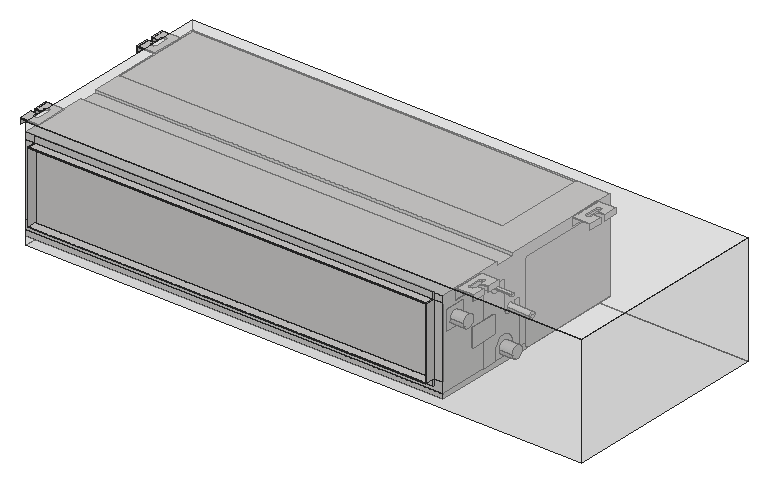
Revit family "outputfile", category 機械設備, Revit 2024
Family settings
  丸型コネクタ寸法 = 半径を使用
  パーツ タイプ = 標準
  OmniClass 番号 = 23.75.10.24.21.27.27
  OmniClass タイトル = Split System Air Conditioning Units
  作業面ベース = いいえ
  常に垂直 = はい
  ロード時にボイドで切り取り = いいえ
  注釈の向きを維持 = いいえ
  共有 = いいえ
  部屋計算ポイント = はい
Parameters (values of type "FPDQ50APV1")
  Description = ""
  書き出し IFC クラス(タイプ) = "IfcUnitaryEquipmentType"
  定義済み IFC タイプ(タイプ) = "AIRCONDITIONINGUNIT"
  Cost = 0
  Type Comments = ""
  Keynote = ""
  Type Image = (empty or 0)
  Assembly Code = ""
  w_RA Duct Size = RA Duct Size Width + 34.0 mm  # 830.0 mm
  r_HP/LP Gas Pipe Size = 4.75 mm
  lw_HP/LP Gas Pipe Size = 60.0 mm  # constant formula
  lh_HP/LP Gas Pipe Size = -103.0 mm
  ld_mountinghole = 67.5 mm  # constant formula
  ld_HP/LP Gas Pipe Size = 131.0 mm
  製造元 = "Daikin"
  モデル = "FPDQ50APV1"
  w_pipe = 33.0 mm
  r_Liquid Pipe Size = Liquid Pipe Size / 2  # 3.2 mm
  r_Gas Pipe Size = Gas Pipe Size / 2  # 6.35 mm
  r_Drain Pipe Size = Drain Pipe Size / 2  # 13.0 mm
  lw_powersupply = 49.5 mm
  lh_suctionflange [instance] = if(Rear Connection_Return Air, 100.0 mm + [h***], 190.0 mm + [h***])  # 100.0 mm
  ld_suctionflange [instance] = if(Rear Connection_Return Air, 190.0 mm, 100.0 mm)  # 190.0 mm
  ld_powersupply = 60.0 mm
  angle_vertical_RA [instance] = if(Rear Connection_Return Air, 90.00°, 0.00°)  # 90.00°
  angle horizontal_RA [instance] = if(Rear Connection_Return Air, 180.00°, 270.00°)  # 180.00°
  Voltage_comment_50Hz = "220 - 240"
  Voltage_50Hz = 230 V
  URL = ""
  Supply Air Direction [instance] = yes
  Sound Power Level_H speed (dB) = 0
  Rear Connection_Return Air [instance] = not(Bottom Connection_Return Air)  # yes
  RA_length = 190.0 mm  # constant formula
  Phase_50Hz = 1
  Minimum External Static Pressure = 20.00 Pa
  Minimum Circuit Amps_50Hz = 1.1 A
  Maximum Fuse Amps_50Hz = 16.0 A
  Maximum External Static Pressure = 50.00 Pa
  Material_Casing = DAIKIN_GalvanizedSteel_Casing_indoorunit
  lw_liquidpipe = 39.0 mm  # constant formula
  lw_gaspipe = 50.5 mm  # constant formula
  lw_mountinghole_pitch = Width + 40.0 mm  # 940.0 mm
  lw_mountinghole = 20.0 mm  # constant formula
  lw_drainpipe = 33.0 mm  # constant formula
  lh_powersupply = 20.0 mm
  lh_liquidpipe = 154.5 mm
  lh_gaspipe = 102.0 mm
  lh_mountinghole = Height + [h***]  # 200.0 mm
  lh_drainpipe = 50.0 mm
  lh_antena = 1.0 mm  # constant formula
  ld_liquidpipe = 141.0 mm
  ld_gaspipe = 178.5 mm  # constant formula
  ld_mountinghole_pitch = 315.0 mm  # constant formula
  ld_drainpipe = 422.0 mm  # constant formula
  ld_controlbox = 626.0 mm  # constant formula
  h*** = 0.0 mm  # constant formula
  d_dischargeflange = 22.2 mm  # constant formula
  Width = 900.0 mm
  Version = "ver.1.0"
  Unit Type = "Compact Ceiling Mounted Duct Type"
  Unit Mass Weight = 20.00 kg
  Unit Designation [instance] = ""
  Uniclass2015Version = "Products v1.30"
  Uniclass2015Title = "Variable refrigerant flow units"
  Uniclass2015Code = "Pr_70_65_03_94"
  Total Cooling Capacity [instance] = 0.000 kW
  Sound Pressure Level_M speed (dBA) = 31
  Sound Pressure Level_L speed (dBA) = 29
  Sound Pressure Level_H speed (dBA) = 33
  Series = "VRV HOME_Fan Coil Unit"
  Sensible Cooling Capacity [instance] = 0.000 kW
  SA Duct Size Width = 860.0 mm
  SA Duct Size Height = 153.0 mm
  Refrigerant Type = "R410A"
  RA Duct Size Width = 796.0 mm
  RA Duct Size Height = 172.0 mm
  Power Input (Cooling) = 0.180 kW
  Option Accessory 3 [instance] = ""
  Option Accessory 2 [instance] = ""
  Option Accessory 1 [instance] = ""
  Nominal Cooling Capacity = 5.600 kW
  Minimum Airflow = 630.00 m³/h
  Median Airflow = 780.00 m³/h
  Maximum Airflow = 900.00 m³/h
  Load Classification = HVAC
  Liquid Pipe Size = 6.4 mm
  Link_Nested Family [instance] = ""
  IfcVersion = ""
  IfcExportType = "AIRCONDITIONINGUNIT"
  IfcExportAs = "IfcUnitaryEquipmentType"
  Height = 200.0 mm
  Heat Exchanger Type = "Cross Fin Coil"
  Gas Pipe Size = 12.7 mm
  Frequency_50Hz = 50 Hz
  Fan Type = "Sirocco Fan"
  Fan Drive = "Direct Drive"
  FCU Tag No. [instance] = ""
  Drain Pipe Size = 26.0 mm
  Design Supply Airflow [instance] = 0.00 m³/h
  Design Return Airflow [instance] = 0.00 m³/h
  Design External Static Pressure [instance] = 0.00 Pa
  Depth = 450.0 mm
  既定の高さ = 0.0 mm
  Cooling Entering Wet Bulb Temperature [instance] = 0.00 °C
  Cooling Entering Dry Bulb Temperature [instance] = 0.00 °C
  Cooling Ambient Wet Bulb Temperature [instance] = 0.00 °C
  Cooling Ambient Dry Bulb Temperature [instance] = 0.00 °C
  Clearance visibility [instance] = yes
  Clearance Top = 20.0 mm
  Clearance Right = 300.0 mm
  Clearance Rear = 0.0 mm
  Clearance Left = 0.0 mm
  Clearance Front = 0.0 mm
  Clearance Bottom = 20.0 mm
  Bottom Connection_Return Air [instance] = no
Reference planes
  plane 1 "Center (Front/Back)": y = 0
  plane 2: z = 0
  plane 3 "Center (Left/Right)": x = 0
  plane 4 "Back": y = 225
  plane 5 "Front": y = -225
  plane 6 "Left": x = -450
  plane 7 "Right": x = 450
  plane 8 "Top": z = 0
  plane 9 "Bottom": z = -200
  plane 10: x = 325
  plane 11: x = -330
  plane 12: z = -180
  plane 13: z = -6
  plane 14: z = -22
  plane 15: z = -45.5
  plane 16: z = -98
  plane 17: x = -304
  plane 18: x = -470
  plane 19: x = 470
  plane 20: y = -157.5
  plane 21: y = 157.5
  plane 22: x = -490
  plane 23: x = 390
  plane 24: x = 489
  plane 25: x = 500.5
  plane 26: x = 483
  plane 27: z = 0
  plane 28: z = -150
  plane 29 "Clearance Left": x = -450
  plane 30 "Clearance Right": x = 750
  plane 31 "Clearance Rear": y = 225
  plane 32 "Clearance Front": y = -225
  plane 33 "Clearance Top": z = 20
  plane 34 "Clearance Bottom": z = -220
  plane 35: z = -14
  plane 36: z = -50
  plane 37: z = -96.5
  plane 38: x = -32
  plane 39: y = -46.5
  plane 40: y = -84
  plane 41: y = -30
  plane 42: y = -197
  plane 43: z = -90.5
  plane 44: y = -224
  plane 45: x = -449
  plane 46: z = -90
  plane 47: z = -30
  plane 48: y = 210
  plane 49: z = -199
  plane 50: y = 35
  plane 51: z = -101
  plane 52: x = 480
  plane 53: z = 11
  plane 54: z = 97.5
  plane 55: y = -94
Forms (mm)
  Extrusion 1, solid, material "DAIKIN_GalvanizedSteel_Casing_indoorunit" <- "Material_Casing"
    sketch origin (0, 0, 0) x (1, 0, 0) y (0, 1, 0)
      loop
        line (-450, -225) -> (450, -225) -> (450, 225) -> (-450, 225) -> (-450, -225)
    from -200 to 0
  Extrusion 2, void
    sketch origin (0, 0, 1) x (1, 0, 0) y (0, 1, 0)
      loop
        line (-450, -78) -> (450, -78) -> (450, -36) -> (-450, -36) -> (-450, -78)
    from -1 to -7
  Revolve 3, solid, material "DAIKIN_GalvanizedSteel_Casing_indoorunit" <- "Material_Casing"
    sketch origin (0, 0, -98) x (0, -1, 0) y (1, 0, 0)
      loop
        line (40.15, 450) -> (46.5, 450) -> (46.5, 500.5) -> (40.15, 500.5) -> (40.15, 450)
      axis (46.5, 450) -> (46.5, 500.5)
    angle from 0 to 360
  Revolve 4, solid, material "DAIKIN_GalvanizedSteel_Casing_indoorunit" <- "Material_Casing"
    sketch origin (0, 0, -45.5) x (0, -1, 0) y (1, 0, 0)
      loop
        line (84, 450) -> (84, 489) -> (80.8, 489) -> (80.8, 450) -> (84, 450)
      axis (84, 489) -> (84, 450)
    angle from 0 to 360
  Extrusion 5, solid, material "DAIKIN_GalvanizedSteel_Casing_indoorunit" <- "Material_Casing"
    sketch origin (450, 0, 33.75) x (0, 1, 0) y (0, 0, 1)
      loop
        circle (-197, -83.75) r 13
    from 0 to 33
  Extrusion 6, solid, material "DAIKIN_GalvanizedSteel_Casing_indoorunit" <- "Material_Casing"
    sketch origin (0, 0, 0) x (1, 0, 0) y (0, 0, 1)
      loop
        line (-450, -189.5) -> (-450, -200) -> (450, -200) -> (450, -189.5) -> (-450, -189.5)
    from 2 to 225
  Extrusion 7, solid, material "DAIKIN_GalvanizedSteel_Casing_indoorunit" <- "Material_Casing", visible <- "Bottom Connection_Return Air"
    sketch origin (0, 225, 0) x (-1, 0, 0) y (0, 0, 1)
      loop
        line (-379, -200) -> (449, -200) -> (449, -1) -> (-379, -1) -> (-379, -200)
    from -1 to 0
  Extrusion 8, void
    sketch origin (0, 225, 0) x (-1, 0, 0) y (0, 0, 1)
      loop
        line (-379, 0) -> (-379, -1) -> (449, -1) -> (449, 0) -> (-379, 0)
    from 0 to -199
  Extrusion 9, solid, material "DAIKIN_GalvanizedSteel_Casing_indoorunit" <- "Material_Casing", visible <- "Rear Connection_Return Air"
    sketch origin (0, 0, 0) x (1, 0, 0) y (0, 1, 0)
      loop
        line (-449, 225) -> (-449, 26) -> (379, 26) -> (379, 225) -> (-449, 225)
    from -200 to -199
  Extrusion 10, solid, material "DAIKIN_GalvanizedSteel_Casing_indoorunit" <- "Material_Casing"
    sketch origin (450, 0, 0) x (0, 1, 0) y (0, 0, 1)
      loop
        line (225, -22.445) -> (1.953, -22.445)
        arc (1.953, -22.445) -> (-0.169, -23.324) -> (-1.047, -25.445) r 3
        line (-1.047, -25.445) -> (-1.047, -195.005)
        arc (-1.047, -195.005) -> (-0.169, -197.126) -> (1.953, -198.005) r 3
        line (1.953, -198.005) -> (225, -198.005) -> (225, -22.445)
    from 1 to 0
  Extrusion 11, solid, material "DAIKIN_GalvanizedSteel_Casing_indoorunit" <- "Material_Casing"
    sketch origin (450, 0, 0) x (0, 1, 0) y (0, 0, 1)
      loop
        circle (-62, -170) r 13
    from 30 to 0
  Extrusion 12, solid, material "DAIKIN_GalvanizedSteel_Casing_indoorunit" <- "Material_Casing"
    sketch origin (450, 0, 0) x (0, 1, 0) y (0, 0, 1)
      loop
        line (-148.682, -97.261) -> (-148.687, -131.178)
        arc (-148.687, -131.178) -> (-147.811, -133.295) -> (-145.695, -134.172) r 2.993
        line (-145.695, -134.172) -> (-91.826, -134.18)
        arc (-91.826, -134.18) -> (-89.709, -133.304) -> (-88.832, -131.187) r 2.994
        line (-88.832, -131.187) -> (-88.832, -97.148)
        arc (-88.832, -97.148) -> (-89.749, -95.111) -> (-91.821, -94.277) r 2.992
        line (-91.821, -94.277) -> (-145.689, -94.269)
        arc (-145.689, -94.269) -> (-147.805, -95.145) -> (-148.682, -97.261) r 2.993
      loop
        line (-176, -70.949) -> (-176, -29) -> (-218, -29) -> (-218, -70.949) -> (-176, -70.949)
    from 0 to 3
  Extrusion 13, solid, material "DAIKIN_GalvanizedSteel_Casing_indoorunit" <- "Material_Casing"
    sketch origin (450, 0, 0) x (0, 1, 0) y (0, 0, 1)
      loop
        line (-37.558, -189.537) -> (-21.994, -189.537) -> (-21.994, -94.768)
        arc (-21.994, -94.768) -> (-22.579, -93.358) -> (-23.989, -92.773) r 1.995
        line (-23.989, -92.773) -> (-30.037, -92.773)
        arc (-30.037, -92.773) -> (-31.448, -93.358) -> (-32.032, -94.768) r 1.995
        line (-32.032, -94.768) -> (-32.032, -98)
        arc (-32.032, -98) -> (-46.255, -112.466) -> (-60.959, -98.49) r 14.468
        line (-60.959, -98.49) -> (-60.959, -42.953)
        arc (-60.959, -42.953) -> (-61.685, -41.568) -> (-63.124, -40.958) r 2.32
        line (-63.124, -40.958) -> (-69.828, -40.958)
        arc (-69.828, -40.958) -> (-71.239, -41.542) -> (-71.823, -42.953) r 1.995
        line (-71.823, -42.953) -> (-71.823, -45.946)
        arc (-71.823, -45.946) -> (-83.794, -57.917) -> (-95.765, -45.946) r 11.971
        line (-95.765, -45.946) -> (-95.765, -42.953)
        arc (-95.765, -42.953) -> (-96.349, -41.542) -> (-97.76, -40.958) r 1.995
        line (-97.76, -40.958) -> (-114.828, -40.958)
        arc (-114.828, -40.958) -> (-116.239, -41.542) -> (-116.823, -42.953) r 1.995
        line (-116.823, -42.953) -> (-116.823, -94.273) -> (-91.821, -94.277)
        arc (-91.821, -94.277) -> (-89.749, -95.111) -> (-88.832, -97.148) r 2.992
        line (-88.832, -97.148) -> (-88.832, -131.186)
        arc (-88.832, -131.186) -> (-89.709, -133.303) -> (-91.826, -134.18) r 2.994
        line (-91.826, -134.18) -> (-116.823, -134.176) -> (-116.823, -189.537) -> (-86.438, -189.537) -> (-86.438, -169.501)
        arc (-86.438, -169.501) -> (-61.998, -145.061) -> (-37.558, -169.501) r 24.44
        line (-37.558, -169.501) -> (-37.558, -189.537)
    from 0 to 1
  Extrusion 14, solid, material "DAIKIN_GalvanizedSteel_Casing_indoorunit" <- "Material_Casing"
    sketch origin (-450, 0, 0) x (0, 1, 0) y (0, 0, 1)
      loop
        line (72.017, -134.38) -> (151.983, -134.38) -> (151.983, -85.62) -> (72.017, -85.62) -> (72.017, -134.38)
    from 0 to -1
  Extrusion 15, solid, material "DAIKIN_GalvanizedSteel_Casing_indoorunit" <- "Material_Casing"
    sketch origin (-450, 0, 0) x (0, 1, 0) y (0, 0, 1)
      loop
        circle (112, -110) r 20.479
    from 0 to -7
  Extrusion 16, solid, material "DAIKIN_GalvanizedSteel_Casing_indoorunit" <- "Material_Casing"
    sketch origin (-450, 0, 0) x (0, 1, 0) y (0, 0, 1)
      loop
        circle (112, -110) r 17.066
    from 0 to -9
  Extrusion 17, solid, material "DAIKIN_GalvanizedSteel_Casing_indoorunit" <- "Material_Casing"
    sketch origin (-450, 0, 0) x (0, 1, 0) y (0, 0, 1)
      loop
        circle (112, -110) r 7.5
    from 0 to -22.5
Cuts and joins
  Extrusion 2, Extrusion 8 cuts Extrusion 1
  Extrusion 8 cuts Extrusion 6
  joined: Extrusion 14, Extrusion 15, Extrusion 16, Extrusion 17
Dimensions and locks
  "lh_powersupply": plane 12 to plane 9 "Bottom"
  locked: plane 8 "Top" to plane 13 at 6
  "Height": plane 8 "Top" to plane 9 "Bottom"
  locked: plane 17 to plane 3 "Center (Left/Right)" at 304
  equal spacing: plane 18, plane 3 "Center (Left/Right)", plane 19
  "lw_mountinghole_pitch": plane 18 to plane 19
  locked: plane 14 to plane 9 "Bottom" at 178
  "lw_mountinghole": plane 22 to plane 18
  "lh_liquidpipe": plane 15 to plane 9 "Bottom"
  "lh_gaspipe": plane 16 to plane 9 "Bottom"
  "lh_mountinghole": plane 27 to plane 9 "Bottom"
  "ld_mountinghole_pitch": plane 21 to plane 20
  equal spacing: plane 6 "Left", plane 3 "Center (Left/Right)", plane 7 "Right"
  "Width": plane 6 "Left" to plane 7 "Right"
  "lh_drainpipe": plane 28 to plane 9 "Bottom"
  "Clearance Right": plane 7 "Right" to plane 30 "Clearance Right"
  "Clearance Left": plane 29 "Clearance Left" to plane 6 "Left"
  "lw_gaspipe": plane 7 "Right" to plane 25
  "lw_liquidpipe": plane 7 "Right" to plane 24
  "lw_drainpipe": plane 7 "Right" to plane 26
  "Clearance Rear": plane 31 "Clearance Rear" to plane 4 "Back"
  "Clearance Front": plane 5 "Front" to plane 32 "Clearance Front"
  "Clearance Top": plane 33 "Clearance Top" to plane 8 "Top"
  "Clearance Bottom": plane 9 "Bottom" to plane 34 "Clearance Bottom"
  plane 8 "Top" to plane 35 = 14.0 mm
  "lh_drainpipe": plane 8 "Top" to plane 36
  locked: plane 37 to plane 9 "Bottom" at 103.5
  locked: plane 35 to plane 43 at 76.5
  "Depth": plane 4 "Back" to plane 5 "Front"
  equal spacing: plane 4 "Back", plane 1 "Center (Front/Back)", plane 5 "Front"
  locked: plane 44 to plane 5 "Front" at 1
  locked: plane 45 to plane 6 "Left" at 1
  Extrusion 7 sketch curve to Extrusion 7 sketch curve = 199.0 mm
  nested 12 to plane 38 = 398.0 mm
  locked: plane 12 to plane 46 at 90
  plane 31 "Clearance Rear" to Extrusion 7 = 0.0 mm
  locked: plane 47 to plane 34 "Clearance Bottom" at 190
  plane 48 to nested 13 = 1.0 mm
  locked: plane 49 to plane 9 "Bottom" at 1
  "ld_suctionflange": plane 4 "Back" to plane 50
  locked: plane 51 to plane 9 "Bottom" at 99
  locked: plane 52 to plane 7 "Right" at 30
  "r_Gas Pipe Size": Revolve 3 sketch curve to Revolve 3 sketch curve
  "ld_gaspipe": plane 39 to plane 5 "Front"
  "r_Liquid Pipe Size": Revolve 4 sketch curve to plane 40
  "ld_liquidpipe": plane 40 to plane 5 "Front"
  "ld_drainpipe": plane 4 "Back" to plane 42
  "ld_HP/LP Gas Pipe Size": plane 55 to plane 5 "Front"
  plane 8 "Top" to plane 15 = 45.5 mm
  Extrusion 2 sketch curve to plane 5 "Front" = 189.0 mm
  "lw_powersupply": nested 11 to plane 7 "Right"
  plane 4 "Back" to nested 11 = 60.0 mm
  locked: plane 7 "Right" to Extrusion 8 sketch curve at 71
  locked: plane 7 "Right" to Extrusion 7 sketch curve at 71
  "ld_mountinghole": plane 20 to plane 5 "Front"
  locked: Extrusion 6 sketch curve to plane 9 "Bottom" at 10.5
  "ld_gaspipe": Revolve 3 sketch curve to plane 5 "Front"
  plane 8 "Top" to Extrusion 12 sketch curve to Extrusion 12 sketch curve = 29.0 mm locked, 41.949 mm locked
  plane 5 "Front" to Extrusion 12 sketch curve to Extrusion 12 sketch curve = 7.0 mm locked, 42.0 mm locked
  "r_Drain Pipe Size": radius of Extrusion 5 sketch curve
  aligned and locked: level to plane 2
  aligned and locked: Extrusion 1 to plane 9 "Bottom"
  aligned and locked: plane 8 "Top" to Extrusion 1
  aligned and locked: Revolve 3 sketch curve to Revolve 3 sketch curve
  aligned and locked: plane 24 to nested 6
  aligned and locked: nested 6 to plane 15
  aligned and locked: nested 2 to plane 21
  aligned and locked: plane 19 to nested 2
  aligned and locked: plane 19 to nested 3
  aligned and locked: plane 18 to nested 4
  aligned and locked: plane 21 to nested 5
  aligned and locked: nested 5 to plane 21
  aligned and locked: plane 18 to nested 5
  aligned and locked: plane 8 "Top" to nested 1
  aligned and locked: Extrusion 6 to plane 5 "Front"
  aligned and locked: Extrusion 6 to plane 9 "Bottom"
  aligned and locked: nested 7 to plane 16
  aligned and locked: plane 39 to nested 7
  aligned and locked: plane 40 to nested 6
  aligned and locked: Extrusion 5 sketch curve to plane 42
  aligned and locked: nested 12 to plane 45
  aligned and locked: plane 4 "Back" to Extrusion 8
  aligned and locked: plane 8 "Top" to Extrusion 2
  aligned and locked: Extrusion 7 to cut or joined group of Extrusion 1, Extrusion 2, Extrusion 8
  aligned and locked: plane 9 "Bottom" to Extrusion 9  (x2)
  aligned and locked: Extrusion 9 to plane 49
  aligned and locked: plane 4 "Back" to nested 12
  aligned and locked: Extrusion 8 to level
  aligned and locked: plane 30 "Clearance Right" to nested 14
  aligned and locked: plane 29 "Clearance Left" to nested 14
  aligned and locked: nested 14 to plane 32 "Clearance Front"
  aligned and locked: nested 14 to plane 33 "Clearance Top"
  aligned and locked: nested 14 to plane 34 "Clearance Bottom"
  aligned and locked: plane 7 "Right" to Extrusion 10
  aligned and locked: Extrusion 2 to plane 13
  aligned and locked: nested 8 to plane 36
  aligned and locked: nested 10 to plane 1 "Center (Front/Back)"
  aligned and locked: plane 45 to Extrusion 7
  aligned and locked: nested 12 to plane 49
  aligned and locked: plane 3 "Center (Left/Right)" to nested 10
  aligned and locked: plane 43 to nested 9
  aligned and locked: level to plane 8 "Top"
  aligned and locked: plane 3 "Center (Left/Right)" to nested 1
  aligned and locked: Extrusion 1 sketch curve to plane 5 "Front"
  aligned and locked: plane 3 "Center (Left/Right)" to nested 16
  aligned and locked: plane 5 "Front" to nested 16
  aligned and locked: nested 9 to plane 5 "Front"
  aligned and locked: plane 40 to Revolve 4 sketch curve  (x2)
  aligned and locked: plane 7 "Right" to nested 7
  aligned and locked: Extrusion 9 sketch curve to cut or joined group of Extrusion 1, Extrusion 2, Extrusion 8
  aligned and locked: plane 45 to nested 13
  aligned and locked: plane 7 "Right" to nested 8
  aligned and locked: plane 42 to nested 8
  aligned and locked: cut or joined group of Extrusion 1, Extrusion 2, Extrusion 8 to Extrusion 9 sketch curve
  aligned and locked: plane 1 "Center (Front/Back)" to nested 1
  aligned and locked: nested 4 to plane 20
  aligned and locked: nested 3 to plane 20
  aligned and locked: nested 16 to plane 35
  aligned and locked: nested 13 to Extrusion 7
  aligned and locked: plane 38 to nested 15
  aligned and locked: nested 15 to plane 50
  aligned and locked: plane 4 "Back" to nested 11
  aligned and locked: plane 12 to nested 11
  aligned and locked: plane 7 "Right" to Revolve 4 sketch curve
  aligned and locked: plane 7 "Right" to Revolve 3 sketch curve
  aligned and locked: Revolve 3 sketch curve to nested 7
  aligned and locked: Extrusion 6 sketch curve to plane 9 "Bottom"
  aligned and locked: plane 31 "Clearance Rear" to nested 14
Automatic sketch dimensions
  Extrusion 1 sketch curve to plane 4 "Back" = 0.0 mm
  Extrusion 1 sketch curve to plane 6 "Left" = 0.0 mm
  Extrusion 1 sketch curve to plane 7 "Right" = 0.0 mm
  Extrusion 2 sketch curve to plane 6 "Left" = 0.0 mm
  Extrusion 2 sketch curve to plane 7 "Right" = 0.0 mm
  Revolve 3 sketch curve to plane 38 = 57.997 mm
  plane 24 to Revolve 3 sketch curve = 1.003 mm
  Revolve 4 sketch curve to plane 24 = 0.0 mm  (x2)
  Revolve 4 sketch curve to Revolve 4 sketch curve = 1.0 mm
  Extrusion 6 sketch curve to plane 6 "Left" = 0.0 mm
  Extrusion 6 sketch curve to plane 7 "Right" = 0.0 mm
  Extrusion 9 sketch curve to plane 45 = 0.0 mm
  Extrusion 9 sketch curve to plane 4 "Back" = 0.0 mm
  Extrusion 10 sketch curve to plane 4 "Back" = 0.0 mm
  plane 49 to Extrusion 10 sketch curve = 0.995 mm
  Extrusion 10 sketch curve to plane 50 = 33.047 mm  (x2)
  Extrusion 10 sketch curve to plane 14 = 3.445 mm
  Extrusion 10 sketch curve to Extrusion 10 sketch curve = 3.0 mm
  plane 36 to Extrusion 5 sketch curve = 0.0 mm
  Extrusion 7 sketch curve to plane 9 "Bottom" = 0.0 mm
  Extrusion 7 sketch curve to plane 45 = 0.0 mm
  Extrusion 8 sketch curve to level = 0.0 mm
  Extrusion 8 sketch curve to plane 45 = 0.0 mm
  Extrusion 8 sketch curve to Extrusion 8 sketch curve = 1.0 mm
  plane 20 to Extrusion 12 sketch curve = 8.813 mm
  Extrusion 12 sketch curve to plane 37 = 0.761 mm
  plane 20 to Extrusion 12 sketch curve = 8.818 mm
  Extrusion 12 sketch curve to Extrusion 12 sketch curve = 2.992 mm
  Extrusion 12 sketch curve to Extrusion 12 sketch curve = 2.993 mm  (x2)
  Extrusion 12 sketch curve to plane 37 = 0.762 mm
  plane 37 to Extrusion 12 sketch curve = 2.231 mm
  plane 55 to Extrusion 12 sketch curve = 2.174 mm
  plane 55 to Extrusion 12 sketch curve = 2.175 mm
  Extrusion 12 sketch curve to plane 37 = 0.77 mm
  plane 55 to Extrusion 12 sketch curve = 2.179 mm  (x2)
  Extrusion 12 sketch curve to plane 37 = 0.648 mm
  Extrusion 12 sketch curve to Extrusion 12 sketch curve = 2.99 mm
  plane 28 to Extrusion 12 sketch curve = 18.822 mm
  Extrusion 12 sketch curve to Extrusion 12 sketch curve = 0.0 mm
  plane 28 to Extrusion 12 sketch curve = 18.814 mm
  Extrusion 12 sketch curve to Extrusion 12 sketch curve = 0.001 mm
  Extrusion 11 sketch curve to plane 39 = 15.5 mm
  plane 12 to Extrusion 11 sketch curve = 10.0 mm
  Extrusion 13 sketch curve to plane 16 = 0.0 mm
  Extrusion 13 sketch curve to plane 39 = 0.0 mm
  plane 15 to Extrusion 13 sketch curve = 2.547 mm
  Extrusion 13 sketch curve to plane 39 = 14.459 mm
  Extrusion 13 sketch curve to plane 39 = 15.498 mm
  Extrusion 13 sketch curve to Extrusion 13 sketch curve = 2.165 mm
  Extrusion 13 sketch curve to Extrusion 13 sketch curve = 2.297 mm
  Extrusion 13 sketch curve to Extrusion 13 sketch curve = 6.704 mm
  Extrusion 13 sketch curve to plane 15 = 0.446 mm
  Extrusion 13 sketch curve to Extrusion 13 sketch curve = 1.995 mm  (x2)
  plane 40 to Extrusion 13 sketch curve = 0.206 mm
  Extrusion 13 sketch curve to plane 40 = 2.438 mm
  Extrusion 13 sketch curve to plane 37 = 0.648 mm
  Extrusion 13 sketch curve to plane 40 = 4.832 mm
  plane 55 to Extrusion 13 sketch curve = 2.179 mm  (x2)
  plane 16 to Extrusion 13 sketch curve = 0.73 mm
  plane 55 to Extrusion 13 sketch curve = 2.175 mm
  plane 55 to Extrusion 13 sketch curve = 2.174 mm
  plane 15 to Extrusion 13 sketch curve = 4.542 mm
  Extrusion 13 sketch curve to Extrusion 13 sketch curve = 17.068 mm
  plane 37 to Extrusion 13 sketch curve = 2.227 mm
  Extrusion 13 sketch curve to plane 55 = 22.823 mm  (x2)
  plane 37 to Extrusion 13 sketch curve = 1.732 mm  (x2)
  Extrusion 13 sketch curve to Extrusion 13 sketch curve = 14.468 mm
  Extrusion 13 sketch curve to plane 41 = 0.037 mm
  plane 41 to Extrusion 13 sketch curve = 6.011 mm
  plane 28 to Extrusion 13 sketch curve = 18.814 mm
  plane 28 to Extrusion 13 sketch curve = 15.824 mm
  plane 12 to Extrusion 13 sketch curve = 10.499 mm
  plane 49 to Extrusion 13 sketch curve = 9.463 mm  (x2)
  plane 15 to Extrusion 13 sketch curve = 2.226 mm
  plane 40 to Extrusion 2 sketch curve = 6.0 mm
  plane 46 to Extrusion 14 sketch curve = 4.38 mm
  plane 50 to Extrusion 14 sketch curve = 37.017 mm
  Extrusion 14 sketch curve to plane 21 = 5.517 mm
  plane 28 to Extrusion 14 sketch curve = 15.62 mm
  Extrusion 15 sketch curve to plane 51 = 9.0 mm
  Extrusion 15 sketch curve to plane 21 = 45.5 mm
  Extrusion 16 sketch curve to plane 51 = 9.0 mm
  Extrusion 16 sketch curve to plane 21 = 45.5 mm
  Extrusion 17 sketch curve to plane 51 = 9.0 mm
  Extrusion 17 sketch curve to plane 21 = 45.5 mm
  radius of Extrusion 11 sketch curve = 13.0 mm
  radius of Extrusion 15 sketch curve = 20.479 mm
  radius of Extrusion 16 sketch curve = 17.066 mm
  radius of Extrusion 17 sketch curve = 7.5 mm
Nested families
  nested 1: "daikin_hangerfixture_FPDQ-APV1" at (0, 0, 0), type "daikin_hangerfixture_FPDQ-APV1"
    with width 900.0 mm
  nested 2: "daikin_mountinghole" at (470, 157.5, -200), l_antenna <- "lh_antena", Link_Nested Family <- "Link_Nested Family", h_mountinghole <- "lh_mountinghole", type "daikin_mountinghole"
    with show yes, l_antenna 1.0 mm, h_mountinghole 200.0 mm, Link_Nested Family ""
  nested 3: "daikin_mountinghole" at (470, -157.5, -200), Link_Nested Family <- "Link_Nested Family", l_antenna <- "lh_antena", h_mountinghole <- "lh_mountinghole", type "daikin_mountinghole"
    with show yes, l_antenna 1.0 mm, h_mountinghole 200.0 mm, Link_Nested Family ""
  nested 4: "daikin_mountinghole" at (-470, -157.5, -200), l_antenna <- "lh_antena", Link_Nested Family <- "Link_Nested Family", h_mountinghole <- "lh_mountinghole", type "daikin_mountinghole"
    with show yes, l_antenna 1.0 mm, h_mountinghole 200.0 mm, Link_Nested Family ""
  nested 5: "daikin_mountinghole" at (-470, 157.5, -200), l_antenna <- "lh_antena", Link_Nested Family <- "Link_Nested Family", h_mountinghole <- "lh_mountinghole", type "daikin_mountinghole"
    with show yes, l_antenna 1.0 mm, h_mountinghole 200.0 mm, Link_Nested Family ""
  nested 6: "daikin_connector_rotate2" at (450, -84, -45.5) x (0, 1, 0) z (0, 0, 1), length <- "lw_liquidpipe", built-in parameter 1001364 <- "lh_liquidpipe", radius <- "r_Liquid Pipe Size", type "daikin_connector_rotate2"
    with radius 3.2 mm, length 39.0 mm, angle_vertical 90.00°
  nested 7: "daikin_connector_rotate2" at (450, -46.5, -98) x (0, 1, 0) z (0, 0, 1), length <- "lw_gaspipe", built-in parameter 1001364 <- "lh_gaspipe", radius <- "r_Gas Pipe Size", type "daikin_connector_rotate2"
    with radius 6.35 mm, length 50.5 mm, angle_vertical 90.00°
  nested 8: "daikin_connector_rotate2" at (450, -197, -50) x (0, 1, 0) z (0, 0, 1), built-in parameter 1001364 <- "lh_drainpipe", radius <- "r_Drain Pipe Size", length <- "lw_drainpipe", type "daikin_connector_rotate2"
    with radius 13.0 mm, length 33.0 mm, angle_vertical 90.00°
  nested 9: "daikin_connector_rotate2" at (0, -225, -90.5), length <- "d_dischargeflange", type "daikin_connector_rotate2"
    with radius 10.0 mm, length 22.2 mm, angle_vertical 90.00°
  nested 10: "daikin_△_symbolicline" at (-75, -129.904, 200) x (-0.5, 0.866, 0) z (0, 0, 1), built-in parameter 1001364 <- "Height", visible <- "Supply Air Direction", type "daikin_△_symbolicline"
    with length 300.0 mm
  nested 11: "daikin_connector_rotate2" at (400.5, 165, -180) x (-1, 0, 0) z (0, 0, 1), type "daikin_connector_rotate2"
    with radius 10.0 mm, length 60.0 mm, angle_vertical 90.00°
  nested 12: "daikin_ductflange_FPDQ-APV1_2" at (-35, 225, -100), material <- "Material_Casing", visible <- "Rear Connection_Return Air", height <- "RA Duct Size Height", width <- "w_RA Duct Size", type "daikin_ductflange_FPDQ-APV1_2"
    with width 830.0 mm, material DAIKIN_GalvanizedSteel_Casing_indoorunit, height 172.0 mm, depth 21.2 mm
  nested 13: "daikin_ductflange_FPDQ-APV1_2" at (-35, 125, -200) x (1, 0, 0) z (0, 1, 0), material <- "Material_Casing", visible <- "Bottom Connection_Return Air", width <- "w_RA Duct Size", height <- "RA Duct Size Height", type "daikin_ductflange_FPDQ-APV1_2"
    with width 830.0 mm, material DAIKIN_GalvanizedSteel_Casing_indoorunit, height 172.0 mm, depth 21.0 mm
  nested 14: "daikin_clearancespace" at (150, 0, -99.881), visible <- "Clearance visibility", show <- "Clearance visibility", Link_Nested Family <- "Link_Nested Family", type "daikin_clearancespace"
    with width 1200.0 mm, show yes, height 240.0 mm, depth 450.0 mm, Link_Nested Family ""
  nested 15: "daikin_connector_rotate3" at (-32, 35, -100), built-in parameter 1001364 <- "lh_suctionflange", angle_vertical <- "angle_vertical_RA", angle_horizontal <- "angle horizontal_RA", length <- "RA_length", type "daikin_connector_rotate3"
    with show no, radius 10.0 mm, length 190.0 mm, angle_vertical 90.00°, angle_horizontal 180.00°
  nested 16: "daikin_ductflange_FPDQ-APV1_1" at (0, 88.5, -357.201), width <- "SA Duct Size Width", type "daikin_ductflange_FPDQ-APV1_1"
    with width 860.0 mm, material DAIKIN_GalvanizedSteel_Casing_indoorunit, height 155.0 mm, depth 20.0 mm
Connectors
  piping at (500.5, -46.5, -98), diameter 12.7, driven by "r_Gas Pipe Size"
    settings: on nested 7, index 1, connector inside diameter 609.6 mm, connector length 0.0 mm, flow factor 0, pipe flow 0.00 m³/h, pressure drop 0.0 Pa, fitting loss kfactor 0, connector angle 0.00°, fixture units 0, engagement length 0.0 mm, angle of deflection 0.00°, flow configuration 1, flow direction 2, fitting loss method 0, system type 29, joint type 0, gender type 0, connector reference index -1, connector utility 0, adjustable connector no, is connector primary yes, connector description "Refrigerant Gas Piping"
  piping at (489, -84, -45.5), diameter 6.4, driven by "r_Liquid Pipe Size"
    settings: on nested 6, index 2, connector inside diameter 609.6 mm, connector length 0.0 mm, flow factor 0, pipe flow 0.00 m³/h, pressure drop 0.0 Pa, fitting loss kfactor 0, connector angle 0.00°, fixture units 0, engagement length 0.0 mm, angle of deflection 0.00°, flow configuration 1, flow direction 1, fitting loss method 0, system type 29, joint type 0, gender type 0, connector reference index -1, connector utility 0, adjustable connector no, is connector primary no, connector description "Refrigerant Liquid Piping"
  piping at (483, -197, -50), diameter 26, driven by "r_Drain Pipe Size"
    settings: on nested 8, index 3, connector inside diameter 609.6 mm, connector length 0.0 mm, flow factor 0, pipe flow 0.00 m³/h, pressure drop 0.0 Pa, fitting loss kfactor 0, connector angle 0.00°, fixture units 0, engagement length 0.0 mm, angle of deflection 0.00°, flow configuration 1, flow direction 2, fitting loss method 4, system type 16, joint type 0, gender type 0, connector reference index -1, connector utility 0, adjustable connector no, is connector primary no, connector description "Condensate Drain Piping"
  electrical at (400.5, 225, -180), driven by "Load Classification"
    settings: on nested 11, index 9, voltage 0 V, apparent load 0 VA, apparent load phase1 0 VA, apparent load phase2 0 VA, apparent load phase3 0 VA, power factor 1, load classification "HVAC", number of poles 1, system type 30, power factor state 1, is connector primary yes, connector utility no, sub classification motor no, connector description "Power Supply"
  hvac at (0, -247.2, -90.5), driven by "SA Duct Size Height", driven by "SA Duct Size Width"
    settings: on nested 9, index 11, duct flow 0.00 m³/h, flow factor 0, pres drop 0.00 Pa, loss coef 0, conn angle 0.00°, conn width 860.0 mm, conn height 153.0 mm, conn diameter 609.6 mm, duct sys type 1, conn prof type 1, flow config 0, flow direction 2, loss method 4, conn ref index -1, conn util no, is conn primary yes, conn desc "SA Duct"
  hvac at (-32, 225, -100), driven by "RA Duct Size Height", driven by "RA Duct Size Width"
    settings: on nested 15, index 12, duct flow 0.00 m³/h, flow factor 0, pres drop 0.00 Pa, loss coef 0, conn angle 0.00°, conn width 796.0 mm, conn height 172.0 mm, conn diameter 609.6 mm, duct sys type 2, conn prof type 1, flow config 0, flow direction 1, loss method 4, conn ref index -1, conn util no, is conn primary no, conn desc "RA Duct"
  piping at (500.5, -46.5, -98), diameter 12.7, driven by "r_Gas Pipe Size"
    settings: on nested 7, index 13, connector inside diameter 609.6 mm, connector length 0.0 mm, flow factor 0, pipe flow 0.00 m³/h, pressure drop 0.0 Pa, fitting loss kfactor 0, connector angle 0.00°, fixture units 0, engagement length 0.0 mm, angle of deflection 0.00°, flow configuration 1, flow direction 2, fitting loss method 0, system type 29, joint type 0, gender type 0, connector reference index -1, connector utility 0, adjustable connector no, is connector primary no, connector description "Refrigerant Gas Piping"
Definition of nested family "daikin_hangerfixture_FPDQ-APV1"
  Parameters (values of type "daikin_hangerfixture_FPRQ-APVM")
    width = 700.0 mm
    material = none
    height = 65.0 mm
    depth = 620.0 mm
    Default Elevation = 0.0 mm
  Reference planes
    plane 1 "Center (Front/Back)": y = 0
    plane 2: z = 0
    plane 3 "Center (Left/Right)": x = 0
    plane 4: x = 350
    plane 5: y = 310
    plane 6: y = -310
    plane 7: x = -350
  Forms (mm)
    Extrusion 1, solid, material <- "material"
      sketch origin (0, 0, 0) x (1, 0, 0) y (0, 0, 1)
        loop
          line (350, 0) -> (350, -24.477) -> (351.56, -22.917) -> (351.56, -1.56) -> (387.944, -1.56) -> (387.944, -11.312) -> (389.504, -11.312) -> (389.504, 0) -> (350, 0)
      from -310 to 310
    Extrusion 2, void
      sketch origin (0, 0, 0) x (0, 1, 0) y (0, 0, 1)
        loop
          line (310, -30) -> (310, -17.979) -> (87.935, -17.979) -> (75.914, -30) -> (310, -30)
      from 0 to 618
    Extrusion 3, void
      sketch origin (0, 0, 0) x (1, 0, 0) y (0, 1, 0)
        loop
          line (389.5, 163.755) -> (375.851, 163.755) -> (375.851, 169.607)
          arc (375.851, 169.607) -> (370, 175.458) -> (364.149, 169.607) r 5.851
          line (364.149, 169.607) -> (364.149, 145.227)
          arc (364.149, 145.227) -> (370, 139.376) -> (375.851, 145.227) r 5.851
          line (375.851, 145.227) -> (375.851, 151.078) -> (389.5, 151.078) -> (389.5, 163.755)
        loop
          line (389.5, -151.161) -> (375.851, -151.161) -> (375.851, -145.31)
          arc (375.851, -145.31) -> (370, -139.459) -> (364.149, -145.31) r 5.851
          line (364.149, -145.31) -> (364.149, -169.69)
          arc (364.149, -169.69) -> (370, -175.541) -> (375.851, -169.69) r 5.851
          line (375.851, -169.69) -> (375.851, -163.839) -> (389.5, -163.839) -> (389.5, -151.161)
        loop
          line (350, 310) -> (350, 191.548) -> (389.504, 191.548) -> (389.504, 310) -> (350, 310)
        loop
          line (350, 123.285) -> (350, -123.368) -> (389.504, -123.368) -> (389.504, 123.285) -> (350, 123.285)
        loop
          line (350, -191.632) -> (350, -310) -> (389.504, -310) -> (389.504, -191.632) -> (350, -191.632)
      from -254.96 to 618
    Extrusion 4, solid, material <- "material"
      sketch origin (0, 0, 0) x (-1, 0, 0) y (0, 0, -1)
        loop
          line (350, 0) -> (389.504, 0) -> (389.504, 11.312) -> (387.944, 11.312) -> (387.944, 1.56) -> (351.56, 1.56) -> (351.56, 22.917) -> (350, 24.477) -> (350, 0)
      from -310 to 310
    Extrusion 5, void
      sketch origin (0, 0, 0) x (-1, 0, 0) y (0, -1, 0)
        loop
          line (389.5, -151.161) -> (375.851, -151.161) -> (375.851, -145.31)
          arc (375.851, -145.31) -> (370, -139.459) -> (364.149, -145.31) r 5.851
          line (364.149, -145.31) -> (364.149, -169.69)
          arc (364.149, -169.69) -> (370, -175.541) -> (375.851, -169.69) r 5.851
          line (375.851, -169.69) -> (375.851, -163.839) -> (389.5, -163.839) -> (389.5, -151.161)
        loop
          line (389.5, 163.839) -> (375.851, 163.839) -> (375.851, 169.69)
          arc (375.851, 169.69) -> (370, 175.541) -> (364.149, 169.69) r 5.851
          line (364.149, 169.69) -> (364.149, 145.31)
          arc (364.149, 145.31) -> (370, 139.459) -> (375.851, 145.31) r 5.851
          line (375.851, 145.31) -> (375.851, 151.161) -> (389.5, 151.161) -> (389.5, 163.839)
        loop
          line (389.504, 191.632) -> (389.504, 310) -> (350, 310) -> (350, 191.632) -> (389.504, 191.632)
        loop
          line (389.504, 123.368) -> (350, 123.368) -> (350, -123.368) -> (389.504, -123.368) -> (389.504, 123.368)
        loop
          line (389.504, -191.632) -> (350, -191.632) -> (350, -310) -> (389.504, -310) -> (389.504, -191.632)
      from -254.96 to 618
  Cuts and joins
    Extrusion 2, Extrusion 3, Extrusion 5 cuts Extrusion 1
    Extrusion 5 cuts Extrusion 4
  Dimensions and locks
    equal spacing: plane 5, plane 1 "Center (Front/Back)", plane 6
    "depth": plane 5 to plane 6
    plane 6 to plane 1 "Center (Front/Back)" to plane 5 = 310.0 mm, 310.0 mm
    locked: Extrusion 1 sketch curve to plane 4 at 1.56
    locked: level to Extrusion 1 sketch curve at 1.56
    locked: Extrusion 1 sketch curve to plane 4 at 39.504
    locked: level to Extrusion 1 sketch curve at 11.312
    locked: Extrusion 1 sketch curve to Extrusion 1 sketch curve at 1.56
    locked: level to Extrusion 1 sketch curve at 24.477
    equal spacing: plane 7, plane 3 "Center (Left/Right)", plane 4
    "width": plane 7 to plane 4
    locked: plane 7 to Extrusion 4 sketch curve at 1.56
    locked: level to Extrusion 4 sketch curve at 11.312
    locked: plane 7 to Extrusion 4 sketch curve at 39.504
    locked: Extrusion 4 sketch curve to Extrusion 4 sketch curve at 1.56
    locked: plane 2 to Extrusion 4 sketch curve at 1.56
    locked: plane 2 to Extrusion 4 sketch curve at 24.477
    aligned and locked: level to plane 2
    aligned and locked: plane 5 to Extrusion 1
    aligned and locked: Extrusion 1 to plane 6
    aligned and locked: Extrusion 1 to plane 4
    aligned and locked: plane 5 to cut or joined group of Extrusion 1, Extrusion 2, Extrusion 3, Extrusion 5
    aligned and locked: cut or joined group of Extrusion 1, Extrusion 2, Extrusion 3, Extrusion 5 to plane 6
    aligned and locked: level to cut or joined group of Extrusion 1, Extrusion 2, Extrusion 3, Extrusion 5
    aligned and locked: plane 5 to cut or joined group of Extrusion 4, Extrusion 5
    aligned and locked: cut or joined group of Extrusion 4, Extrusion 5 to plane 6
    aligned and locked: Extrusion 1 sketch curve to level
    aligned and locked: Extrusion 4 sketch curve to plane 7
    aligned and locked: plane 2 to Extrusion 4 sketch curve
  Automatic sketch dimensions
    Extrusion 2 sketch curve to plane 5 = 0.0 mm
    Extrusion 2 sketch curve to level = 17.979 mm
    Extrusion 2 sketch curve to plane 1 "Center (Front/Back)" = 87.935 mm
    Extrusion 2 sketch curve to level = 30.0 mm
    Extrusion 2 sketch curve to Extrusion 2 sketch curve = 12.021 mm
    Extrusion 1 sketch curve to plane 4 = 0.0 mm
    Extrusion 1 sketch curve to Extrusion 1 sketch curve = 1.56 mm
    Extrusion 4 sketch curve to Extrusion 4 sketch curve = 1.56 mm
    Extrusion 3 sketch curve to plane 4 = 0.0 mm  (x3)
    Extrusion 3 sketch curve to plane 5 = 0.0 mm
    Extrusion 3 sketch curve to plane 6 = 0.0 mm
    plane 4 to Extrusion 3 sketch curve = 14.149 mm  (x2)
    Extrusion 3 sketch curve to Extrusion 3 sketch curve = 5.851 mm  (x8)
    Extrusion 3 sketch curve to Extrusion 3 sketch curve = 13.649 mm  (x2)
    Extrusion 3 sketch curve to Extrusion 3 sketch curve = 13.653 mm  (x3)
    plane 6 to Extrusion 3 sketch curve = 118.368 mm
    Extrusion 3 sketch curve to Extrusion 3 sketch curve = 21.942 mm  (x4)
    Extrusion 3 sketch curve to Extrusion 3 sketch curve = 12.678 mm  (x2)
    Extrusion 3 sketch curve to plane 1 "Center (Front/Back)" = 123.285 mm
    Extrusion 5 sketch curve to plane 5 = 0.0 mm
    Extrusion 5 sketch curve to plane 7 = 0.0 mm  (x3)
    Extrusion 5 sketch curve to plane 6 = 0.0 mm
    Extrusion 5 sketch curve to plane 7 = 14.149 mm  (x2)
    Extrusion 5 sketch curve to Extrusion 5 sketch curve = 5.851 mm  (x8)
    Extrusion 5 sketch curve to Extrusion 5 sketch curve = 13.649 mm  (x2)
    Extrusion 5 sketch curve to Extrusion 5 sketch curve = 13.653 mm  (x3)
    Extrusion 5 sketch curve to Extrusion 5 sketch curve = 118.368 mm
    Extrusion 5 sketch curve to Extrusion 5 sketch curve = 21.942 mm  (x4)
    Extrusion 5 sketch curve to Extrusion 5 sketch curve = 12.678 mm  (x2)
    plane 1 "Center (Front/Back)" to Extrusion 5 sketch curve = 123.368 mm
Definition of nested family "daikin_ductflange_FPDQ-APV1_2"
  Parameters (values of type "daikin_ductflange_FPDQ-APV1_2")
    width [instance] = 620.0 mm
    material [instance] = none
    height [instance] = 160.0 mm
    depth [instance] = 21.2 mm
    Default Elevation = 0.0 mm
  Reference planes
    plane 1 "Center (Front/Back)": y = 0
    plane 2: z = 0
    plane 3 "Center (Left/Right)": x = 0
    plane 4: y = -313.5
    plane 5: y = -334.7
    plane 6: x = -310
    plane 7: x = 310
    plane 8: z = 80
    plane 9: z = -80
    plane 10: z = 100
    plane 11: z = -100
    plane 12: x = -309
    plane 13: x = 309
  Forms (mm)
    Extrusion 1, solid, material <- "material"
      sketch origin (0, 0, 0) x (1, 0, 0) y (0, 0, 1)
        loop
          line (-290, 80) -> (-290, -80) -> (296, -80) -> (296, 80) -> (-290, 80)
        loop
          line (-309, -99) -> (309, -99) -> (309, 99) -> (-309, 99) -> (-309, -99)
      from 0 to 1
  Dimensions and locks
    plane 4 to plane 1 "Center (Front/Back)" = 313.5 mm
    "depth": plane 5 to plane 4
    equal spacing: plane 7, plane 3 "Center (Left/Right)", plane 6, locked at 310 each
    "width": plane 7 to plane 6
    equal spacing: plane 8, level, plane 9
    "height": plane 8 to plane 9
    equal spacing: plane 10, level, plane 11, locked at 100 each
    locked: plane 10 to plane 11 at 200
    plane 12 to plane 6 = 1.0 mm
    locked: plane 7 to plane 13 at 1
    Extrusion 1 sketch curve to Extrusion 1 sketch curve = 19.0 mm  (x2)
    locked: Extrusion 1 sketch curve to Extrusion 1 sketch curve at 19
    locked: Extrusion 1 sketch curve to Extrusion 1 sketch curve at 13
    locked: plane 10 to Extrusion 1 sketch curve at 1
    locked: Extrusion 1 sketch curve to plane 11 at 1
    aligned and locked: level to plane 2
    aligned and locked: plane 8 to Extrusion 1
    aligned and locked: plane 9 to Extrusion 1
  Automatic sketch dimensions
    plane 6 to Extrusion 1 sketch curve = 1.0 mm
    Extrusion 1 sketch curve to plane 7 = 1.0 mm
Definition of nested family "daikin_clearancespace"
  Parameters (values of type "daikin_clearancespace")
    Description = "daikin_clearancespace"
    width [instance] = 1823.963 mm
    show [instance] = yes
    material = none
    height [instance] = 1359.762 mm
    depth [instance] = 880.0 mm
    Default Elevation = 0.0 mm
    Link_Nested Family [instance] = ""
  Reference planes
    plane 1 "Center (Front/Back)": y = 0
    plane 2 "Center (Elevation)": z = -0.119
    plane 3 "Center (Left/Right)": x = 0
    plane 4: y = 440
    plane 5: y = -440
    plane 6 "Right": x = 911.982
    plane 7 "Left": x = -911.982
    plane 8 "Top": z = 679.762
    plane 9 "Bottom": z = -680
  Forms (mm)
    Extrusion 1, solid, material <- "material", visible <- "show"
      sketch origin (0, 0, 0) x (1, 0, 0) y (0, 1, 0)
        loop
          line (-911.982, 440) -> (-911.982, -440) -> (911.982, -440) -> (911.982, 440) -> (-911.982, 440)
      from -680 to 679.762
  Lines and regions (mm)
    symbolic lines, visible <- "show"
      curve 1: line (911.982, 440, 0) -> (-911.982, 440, 0)
      curve 2: line (-911.982, 440, 0) -> (-911.982, -440, 0)
      curve 3: line (-911.982, -440, 0) -> (911.982, -440, 0)
      curve 4: line (911.982, -440, 0) -> (911.982, 440, 0)
      curve 5: line (911.982, 0, 679.762) -> (-911.982, 0, 679.762)
      curve 6: line (911.982, 0, -680) -> (911.982, 0, 679.762)
      curve 7: line (-911.982, 0, -680) -> (911.982, 0, -680)
      curve 8: line (-911.982, 0, 679.762) -> (-911.982, 0, -680)
      curve 9: line (0, 440, 679.762) -> (0, -440, 679.762)
      curve 10: line (0, -440, 679.762) -> (0, -440, -680)
      curve 11: line (0, 440, -680) -> (0, 440, 679.762)
      curve 12: line (0, -440, -680) -> (0, 440, -680)
  Dimensions and locks
    "width": plane 7 "Left" to plane 6 "Right"
    "depth": plane 4 to plane 5
    "height": plane 8 "Top" to plane 9 "Bottom"
    equal spacing: plane 7 "Left", plane 3 "Center (Left/Right)", plane 6 "Right"
    equal spacing: plane 4, plane 1 "Center (Front/Back)", plane 5
    equal spacing: plane 8 "Top", plane 2 "Center (Elevation)", plane 9 "Bottom"
    aligned and locked: level to plane 2 "Center (Elevation)"
    aligned and locked: Extrusion 1 sketch curve to plane 4
    aligned and locked: plane 7 "Left" to Extrusion 1 sketch curve
    aligned and locked: Extrusion 1 sketch curve to plane 5
    aligned and locked: Extrusion 1 sketch curve to plane 6 "Right"
    aligned and locked: plane 8 "Top" to Extrusion 1
    aligned and locked: curve 1 to Extrusion 1
    aligned and locked: curve 2 to Extrusion 1
    aligned and locked: curve 3 to Extrusion 1
    aligned and locked: curve 4 to Extrusion 1
    aligned and locked: curve 5 to Extrusion 1
    aligned and locked: curve 6 to Extrusion 1
    aligned and locked: curve 7 to Extrusion 1
    aligned and locked: curve 8 to Extrusion 1
    aligned and locked: curve 9 to Extrusion 1
    aligned and locked: curve 10 to Extrusion 1
    aligned and locked: curve 11 to Extrusion 1
    aligned and locked: curve 12 to Extrusion 1
    aligned and locked: Extrusion 1 to plane 9 "Bottom"
Definition of nested family "daikin_ductflange_FPDQ-APV1_1"
  Parameters (values of type "daikin_ductflange_FPRQ-APVM_1")
    width [instance] = 660.0 mm
    material [instance] = none
    height [instance] = 155.0 mm
    depth [instance] = 22.2 mm
    Default Elevation = 0.0 mm
  Reference planes
    plane 1 "Center (Front/Back)": y = 0
    plane 2: z = 189.201
    plane 3 "Center (Left/Right)": x = 0
    plane 4: y = -313.5
    plane 5: x = -330
    plane 6: x = 330
    plane 7: y = -335.7
    plane 8: z = 344.201
    plane 9: z = 266.701
    plane 10: z = 343.201
    plane 11: z = 190.201
  Forms (mm)
    Extrusion 1, solid, material <- "material"
      sketch origin (0, 0, 189.201) x (1, 0, 0) y (0, 1, 0)
        loop
          line (-330, -335.7) -> (-330, -313.5) -> (-350, -313.5) -> (-350, -314.5) -> (-331, -314.5) -> (-331, -335.7) -> (-330, -335.7)
        loop
          line (330, -335.7) -> (331, -335.7) -> (331, -314.5) -> (350, -314.5) -> (350, -313.5) -> (330, -313.5) -> (330, -335.7)
      from 1 to 154
    Extrusion 2, solid, material <- "material"
      sketch origin (0, 0, 0) x (0, 1, 0) y (0, 0, 1)
        loop
          line (-313.5, 343.201) -> (-313.5, 357.201) -> (-314.5, 357.201) -> (-314.5, 344.201) -> (-335.7, 344.201) -> (-335.7, 343.201) -> (-313.5, 343.201)
        loop
          line (-313.5, 190.201) -> (-335.7, 190.201) -> (-335.7, 189.201) -> (-314.5, 189.201) -> (-314.5, 176.201) -> (-313.5, 176.201) -> (-313.5, 190.201)
      from -330 to 330
  Dimensions and locks
    plane 4 to plane 1 "Center (Front/Back)" = 313.5 mm
    "depth": plane 7 to plane 4
    equal spacing: plane 8, plane 9, level
    "height": plane 8 to level
    equal spacing: plane 6, plane 3 "Center (Left/Right)", plane 5
    "width": plane 6 to plane 5
    locked: plane 8 to plane 10 at 1
    locked: plane 11 to level at 1
    locked: Extrusion 1 to Extrusion 2 sketch curve at 1
    locked: Extrusion 2 sketch curve to Extrusion 1 at 1
    locked: Extrusion 1 sketch curve to Extrusion 1 sketch curve at 1  (x2)
    locked: Extrusion 1 sketch curve to plane 5 at 20
    locked: plane 6 to Extrusion 1 sketch curve at 20
    aligned and locked: level to plane 2
    aligned and locked: plane 4 to Extrusion 1  (x2)
    aligned and locked: plane 5 to Extrusion 1
    aligned and locked: Extrusion 1 to plane 7  (x2)
    aligned and locked: Extrusion 1 to plane 6
    aligned and locked: Extrusion 1 to plane 10
    aligned and locked: Extrusion 1 to plane 11
    aligned and locked: plane 10 to Extrusion 1
    aligned and locked: plane 11 to Extrusion 1
    aligned and locked: Extrusion 2 to plane 5
    aligned and locked: plane 5 to Extrusion 2
    aligned and locked: plane 6 to Extrusion 2
    aligned and locked: Extrusion 2 to plane 6
    aligned and locked: Extrusion 2 to plane 11
    aligned and locked: Extrusion 2 to plane 10
  Automatic sketch dimensions
    Extrusion 1 sketch curve to plane 4 = 0.0 mm  (x2)
    Extrusion 1 sketch curve to plane 7 = 0.0 mm  (x2)
    Extrusion 1 sketch curve to plane 5 = 0.0 mm
    Extrusion 1 sketch curve to plane 5 = 1.0 mm
    plane 6 to Extrusion 1 sketch curve = 1.0 mm
    Extrusion 2 sketch curve to plane 7 = 0.0 mm  (x2)
    Extrusion 2 sketch curve to plane 4 = 0.0 mm  (x2)
    Extrusion 2 sketch curve to plane 11 = 0.0 mm
    Extrusion 2 sketch curve to plane 10 = 0.0 mm
    Extrusion 2 sketch curve to plane 4 = 1.0 mm  (x2)
    Extrusion 2 sketch curve to level = 13.0 mm
    plane 8 to Extrusion 2 sketch curve = 13.0 mm
    Extrusion 1 sketch curve to plane 6 = 0.0 mm
Definition of nested family "daikin_mountinghole"
  Parameters (values of type "daikin_mountinghole")
    Default Elevation = 1219.2 mm
    Type Comments = "mountinghole"
    show [instance] = yes
    material = none
    l_centerline = 100.0 mm
    l_antenna [instance] = 100.0 mm
    h_mountinghole [instance] = 0.0 mm
    d_circle = 30.0 mm
    Link_Nested Family [instance] = ""
  Reference planes
    plane 1 "Center (Front/Back)": y = 0
    plane 2: z = 0
    plane 3 "Center (Left/Right)": x = 0
    plane 4: y = 50
    plane 5: x = -50
    plane 6: x = 50
    plane 7: y = -50
    plane 8 "h_mountinghole": z = 0
    plane 9: z = 100
  Lines and regions (mm)
    model lines, detail levels fine
      curve 1: circle (0, 0, 0) r 15 normal (0, 0, 1)
      curve 2: line (-50, 0, 0) -> (50, 0, 0)
      curve 3: line (0, 50, 0) -> (0, -50, 0)
    symbolic lines, detail levels fine
      curve 4: circle (0, 0, 0) r 15 normal (0, 0, 1)
      curve 5: line (-50, 0, 0) -> (50, 0, 0)
      curve 6: line (0, 50, 0) -> (0, -50, 0)
    model lines
      curve 7: line (0, 0, 100) -> (0, 0, 0)
  Dimensions and locks
    equal spacing: plane 4, plane 1 "Center (Front/Back)", plane 7
    "l_centerline": plane 4 to plane 7
    equal spacing: plane 5, plane 3 "Center (Left/Right)", plane 6
    "l_centerline": plane 5 to plane 6
    "l_antenna": plane 9 to plane 8 "h_mountinghole"
    "h_mountinghole": plane 8 "h_mountinghole" to plane 2
    "d_circle": diameter of curve 1
    "d_circle": diameter of curve 4
    aligned and locked: level to plane 2
    aligned and locked: plane 1 "Center (Front/Back)" to curve 1
    aligned and locked: plane 3 "Center (Left/Right)" to curve 1
    aligned and locked: plane 1 "Center (Front/Back)" to curve 2
    aligned and locked: curve 3 to plane 3 "Center (Left/Right)"
    aligned and locked: plane 6 to curve 2
    aligned and locked: plane 5 to curve 2
    aligned and locked: plane 4 to curve 3
    aligned and locked: plane 7 to curve 3
    aligned and locked: plane 1 "Center (Front/Back)" to curve 4
    aligned and locked: plane 3 "Center (Left/Right)" to curve 4
    aligned and locked: plane 6 to curve 5
    aligned and locked: plane 5 to curve 5
    aligned and locked: plane 1 "Center (Front/Back)" to curve 5
    aligned and locked: plane 4 to curve 6
    aligned and locked: plane 7 to curve 6
    aligned and locked: curve 6 to plane 3 "Center (Left/Right)"
    aligned and locked: curve 7 to plane 3 "Center (Left/Right)"
    aligned and locked: plane 9 to curve 7
    aligned and locked: plane 8 "h_mountinghole" to curve 7
Definition of nested family "daikin_connector_rotate2"
  Parameters (values of type "daikin_connector_rotate2")
    show_face = no
    radius [instance] = 10.0 mm
    length [instance] = 600.0 mm
    d_surface = 10.0 mm
    angle_vertical [instance] = 90.00°
    Default Elevation = 0.0 mm
  Reference planes
    plane 1 "Center (Front/Back)": y = 0
    plane 2: z = 0
    plane 3 "Center (Left/Right)": x = 0
  Forms (mm)
    Extrusion 1, solid, visible <- "show_face"
      sketch origin (0, -600, 0) x (1, 0, 0) y (0, 0, 1)
        loop
          circle (0, 0) r 10
      from 0 to -10
  Lines and regions (mm)
    reference lines
      curve 1: line (0, 0, 0) -> (0, -600, 0)
    symbolic lines
      curve 2: circle (0, 0, 0) r 5 normal (0, 0, 1)
    model lines, visible <- "show_face"
      curve 3: line (0, 0, 0) -> (0, -600, 0)
  Dimensions and locks
    "length": curve 1 to curve 1
    "length": curve 3 to curve 3
    "d_surface": Extrusion 1 to Extrusion 1
    "radius": radius of Extrusion 1 sketch curve
    "angle_vertical": angle curve 1 to plane 1 "Center (Front/Back)"
    "angle_vertical": angle curve 3 to plane 1 "Center (Front/Back)"
    aligned and locked: level to plane 2
    aligned and locked: plane 1 "Center (Front/Back)" to curve 1
    aligned and locked: plane 2 to curve 1
    aligned and locked: plane 1 "Center (Front/Back)" to curve 2
    aligned and locked: plane 3 "Center (Left/Right)" to curve 2
    aligned and locked: plane 1 "Center (Front/Back)" to curve 3
    aligned and locked: plane 2 to curve 3
    aligned and locked: Extrusion 1 to Extrusion 1
  Automatic sketch dimensions
    Extrusion 1 sketch curve to level = 0.0 mm
    Extrusion 1 sketch curve to plane 3 "Center (Left/Right)" = 0.0 mm
    radius of curve 2 = 5.0 mm
Definition of nested family "daikin_△_symbolicline"
  Parameters (values of type "daikin_△_symbolicline")
    length [instance] = 500.0 mm
    Default Elevation = 0.0 mm
  Reference planes
    plane 1 "Center (Front/Back)": y = 0
    plane 2: z = 0
    plane 3 "Center (Left/Right)": x = 0
  Lines and regions (mm)
    symbolic lines
      curve 1: line (0, -433.013, 0) -> (250, 0, 0)
      curve 2: line (250, 0, 0) -> (-250, 0, 0)
      curve 3: line (-250, 0, 0) -> (0, -433.013, 0)
  Dimensions and locks
    equal spacing: curve 3, plane 3 "Center (Left/Right)", curve 2
    "length": curve 3 to curve 2
    "length": curve 3 to curve 3
    "length": curve 1 to curve 1
    aligned and locked: level to plane 2
    aligned and locked: curve 2 to plane 1 "Center (Front/Back)"
    aligned and locked: plane 3 "Center (Left/Right)" to curve 3
Definition of nested family "daikin_connector_rotate3"
  Parameters (values of type "daikin_connector_rotate3")
    Default Elevation = 0.0 mm
    show [instance] = no
    radius [instance] = 10.0 mm
    length [instance] = 600.0 mm
    angle_horizontal [instance] = 60.00°
    angle_vertical [instance] = 90.00°
  Reference planes
    plane 1 "Center (Front/Back)": y = 0
    plane 2: z = 0
    plane 3 "Center (Left/Right)": x = 0
  Dimensions and locks
    "angle_horizontal": angle plane 3 "Center (Left/Right)" to nested 1
    aligned and locked: level to plane 2
    aligned and locked: plane 1 "Center (Front/Back)" to nested 1  (x2)
    aligned and locked: plane 3 "Center (Left/Right)" to nested 1
  Nested families
    nested 1: "daikin_connector_rotate2" at (0, 0, 0) x (0.5, 0.866, 0) z (0, 0, 1), angle_vertical <- "angle_vertical", length <- "length", radius <- "radius", type "daikin_connector_rotate2"
      with radius 10.0 mm, length 600.0 mm, angle_vertical 90.00°, show_face no
  Definition of nested family "daikin_connector_rotate2"
    Parameters (values of type "daikin_connector_rotate2")
      show_face = yes
      radius [instance] = 10.0 mm
      length [instance] = 600.0 mm
      d_surface = 10.0 mm
      angle_vertical [instance] = 90.00°
      Default Elevation = 0.0 mm
    Reference planes
      plane 1 "Center (Front/Back)": y = 0
      plane 2: z = 0
      plane 3 "Center (Left/Right)": x = 0
    Forms (mm)
      Extrusion 1, solid, visible <- "show_face"
        sketch origin (0, -600, 0) x (1, 0, 0) y (0, 0, 1)
          loop
            circle (0, 0) r 10
        from 0 to -10
    Lines and regions (mm)
      reference lines
        curve 1: line (0, 0, 0) -> (0, -600, 0)
      symbolic lines
        curve 2: circle (0, 0, 0) r 5 normal (0, 0, 1)
      model lines, visible <- "show_face"
        curve 3: line (0, 0, 0) -> (0, -600, 0)
    Dimensions and locks
      "length": curve 1 to curve 1
      "length": curve 3 to curve 3
      "d_surface": Extrusion 1 to Extrusion 1
      "radius": radius of Extrusion 1 sketch curve
      "angle_vertical": angle curve 1 to plane 1 "Center (Front/Back)"
      "angle_vertical": angle curve 3 to plane 1 "Center (Front/Back)"
      aligned and locked: level to plane 2
      aligned and locked: plane 1 "Center (Front/Back)" to curve 1
      aligned and locked: plane 2 to curve 1
      aligned and locked: plane 1 "Center (Front/Back)" to curve 2
      aligned and locked: plane 3 "Center (Left/Right)" to curve 2
      aligned and locked: plane 1 "Center (Front/Back)" to curve 3
      aligned and locked: plane 2 to curve 3
      aligned and locked: Extrusion 1 to Extrusion 1
    Automatic sketch dimensions
      Extrusion 1 sketch curve to level = 0.0 mm
      Extrusion 1 sketch curve to plane 3 "Center (Left/Right)" = 0.0 mm
      radius of curve 2 = 5.0 mm
